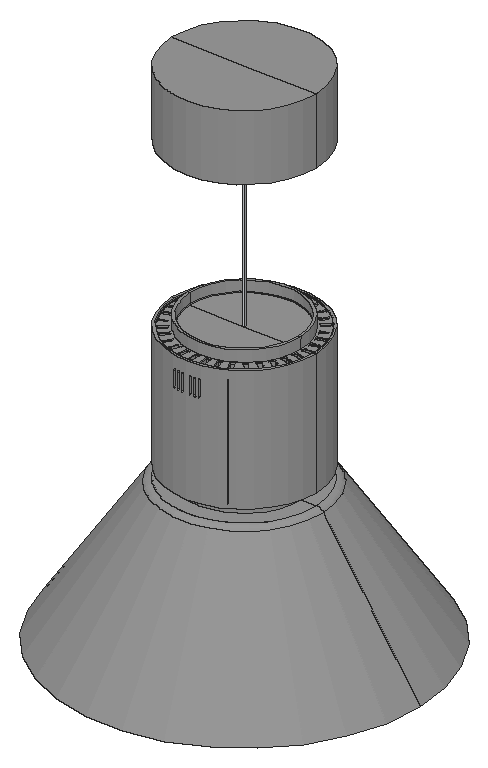
Revit family "LAMP_STORMBELL DECO + WHITE REFLECTOR", category Luminarias, Revit 2015
Parameters (values of type "2238LM 3000 WHITE FLOOD")
  Weight = 4.504 kg
  Type = "COB CITIZEN"
  Suspension height [instance] = 200.00 mm
  Reflector product code = "10400100"
  Protection rating = "IP20 / NOCUBRIR"
  Product datasheet = "http://www.lamp.es/product-files/TECH/ST117030FL830NOW-EN.pdf"
  Product code = "ST117030FL830NOW"
  Product URL = "http://www.lamp.es/en/family/stormbell_33344"
  Power Supply = "220-240V 50-60Hz"
  Power = 25 W
  Plum = 26.3 W
  Photometric web file = Reflector blanco core : 2238LM 3000 WHITE FLOOD
  Modelo = Product code  # "ST117030FL830NOW"
  Material floron = LAMP_Aluminio cuerpo Stormbell BL
  Material COB = LAMP_COB
  Manufacturer name = "LAMP"
  Manufacturer country = "Spain"
  Manufacturer URL = "http://www.lamp.es/en"
  MacAdam = "<3"
  Luminaire type = "Indoor - Suspended Downlight"
  Last update = "11/11/2020"
  Lamp = "COB LED"
  LED Lifetime = "50.000 L80 B10"
  Insulation class = "I"
  Installation instructions = "http://www.lamp.es/product-files/INS/1003910-B-INSTR.%20STORMBELL.pdf"
  Initial intensity = 2238 lm
  Initial color = 3000 K
  IEE = "A+"
  Height = 173.00 mm
  Gear = "Electronic"
  Finish = "Shiny white"
  Fabricante = Manufacturer name  # "LAMP"
  Efficacy = 85.1 lm/W
  Diameter = 173.00 mm
  Descripción = "STORMBELL DECO 3000 WW FL WH."
  Core = Core Stormbell Deco : WHITE
  CRI = "80"
  Body Height = 0.00 mm
  Altura suspension [instance] = if(Suspension height < 0.00 mm, 0.00 mm, if(Suspension height > 3000.00 mm, 3000.00 mm, Suspension height))  # 200.00 mm
Types (16, lengths in mm): name | Weight | Reflector product code | Product datasheet | Product code | Power Supply | Power | Plum | Modelo | Initial intensity | Initial color | Finish | Efficacy | Descripción
  2238LM 3000 WHITE FLOOD | 4.504 kg | "10400100" | "http://www.lamp.es/product-files/TECH/ST117030FL830NOW-EN.pdf" | "ST117030FL830NOW" | "220-240V 50-60Hz" | 25 W | 26.3 W | "ST117030FL830NOW" | 2238 lm | 3000 K | "Shiny white" | 85.1 lm/W | "STORMBELL DECO 3000 WW FL WH."
  2238LM 3000 BLACK FLOOD | 4.504 kg | "10400100" | "http://www.lamp.es/product-files/TECH/ST117030FL830NOB-EN.pdf" | "ST117030FL830NOB" | "220-240V 50-60Hz" | 25 W | 26.3 W | "ST117030FL830NOB" | 2238 lm | 3000 K | "Shiny black" | 85.1 lm/W | "STORMBELL DECO 3000 WW FL BK."
  2299LM 4000 WHITE FLOOD | 4.504 kg | "10400100" | "http://www.lamp.es/product-files/TECH/ST117030FL840NOW-EN.pdf" | "ST117030FL840NOW" | "220-240V 50-60Hz" | 25 W | 26.3 W | "ST117030FL840NOW" | 2299 lm | 4000 K | "Shiny white" | 87.4 lm/W | "STORMBELL DECO 3000 NW FL WH."
  2299LM 4000 BLACK FLOOD | 4.504 kg | "10400100" | "http://www.lamp.es/product-files/TECH/ST117030FL840NOB-EN.pdf" | "ST117030FL840NOB" | "220-240V 50-60Hz" | 25 W | 26.3 W | "ST117030FL840NOB" | 2299 lm | 4000 K | "Shiny black" | 87.4 lm/W | "STORMBELL DECO 3000 NW FL BK."
  2379LM 3000 WHITE WIDE FLOOD | 4.504 kg | "10400100" | "http://www.lamp.es/product-files/TECH/ST117030WF830NOW-EN.pdf" | "ST117030WF830NOW" | "220-240V 50-60Hz" | 25 W | 26.3 W | "ST117030WF830NOW" | 2379 lm | 3000 K | "Shiny white" | 90.5 lm/W | "STORMBELL DECO 3000 WW WFL WH."
  2379LM 3000 BLACK WIDE FLOOD | 4.504 kg | "10400100" | "http://www.lamp.es/product-files/TECH/ST117030WF830NOB-EN.pdf" | "ST117030WF830NOB" | "220-240V 50-60Hz" | 25 W | 26.3 W | "ST117030WF830NOB" | 2379 lm | 3000 K | "Shiny black" | 90.5 lm/W | "STORMBELL DECO 3000 WW WFL BK."
  2454LM 4000 WHITE WIDE FLOOD | 4.504 kg | "STBE420W" | "http://www.lamp.es/product-files/TECH/ST117030WF840NOW-EN.pdf" | "ST117030WF840NOW" | "220-240V 50-60Hz" | 25 W | 26.3 W | "ST117030WF840NOW" | 2454 lm | 4000 K | "Shiny white" | 93.3 lm/W | "STORMBELL DECO 3000 NW WFL WH."
  2454LM 4000 BLACK WIDE FLOOD | 4.504 kg | "STBE420W" | "http://www.lamp.es/product-files/TECH/ST117030WF840NOB-EN.pdf" | "ST117030WF840NOB" | "220-240V 50-60Hz" | 25 W | 26.3 W | "ST117030WF840NOB" | 2454 lm | 4000 K | "Shiny black" | 93.3 lm/W | "STORMBELL DECO 3000 NW WFL BK."
  3494LM 3000 WHITE FLOOD | 4.592 kg | "STBE420W" | "http://www.lamp.es/product-files/TECH/ST117050FL830NOW-EN.pdf" | "ST117050FL830NOW" | "100-240V 50-60Hz" | 44 W | 47.4 W | "ST117050FL830NOW" | 3494 lm | 3000 K | "Shiny white" | 73.7 lm/W | "STORMBELL DECO 5000 WW FL WH."
  3494LM 3000 BLACK FLOOD | 4.592 kg | "STBE420W" | "http://www.lamp.es/product-files/TECH/ST117050FL830NOB-EN.pdf" | "ST117050FL830NOB" | "100-240V 50-60Hz" | 44 W | 47.4 W | "ST117050FL830NOB" | 3494 lm | 3000 K | "Shiny black" | 73.7 lm/W | "STORMBELL DECO 5000 WW FL BK."
  3591LM 4000 WHITE FLOOD | 4.592 kg | "STBE420W" | "http://www.lamp.es/product-files/TECH/ST117050FL840NOW-EN.pdf" | "ST117050FL840NOW" | "100-240V 50-60Hz" | 44 W | 47.4 W | "ST117050FL840NOW" | 3591 lm | 4000 K | "Shiny white" | 75.8 lm/W | "STORMBELL DECO 5000 NW FL WH."
  3591LM 4000 BLACK FLOOD | 4.592 kg | "STBE420W" | "http://www.lamp.es/product-files/TECH/ST117050FL840NOB-EN.pdf" | "ST117050FL840NOB" | "100-240V 50-60Hz" | 44 W | 47.4 W | "ST117050FL840NOB" | 3591 lm | 4000 K | "Shiny black" | 75.8 lm/W | "STORMBELL DECO 5000 NW FL BK."
  3652LM 4000 WHITE WIDE FLOOD | 4.592 kg | "STBE420W" | "http://www.lamp.es/product-files/TECH/ST117050WF840NOW-EN.pdf" | "ST117050WF840NOW" | "100-240V 50-60Hz" | 44 W | 47.4 W | "ST117050WF840NOW" | 3652 lm | 4000 K | "Shiny white" | 77 lm/W | "STORMBELL DECO 5000 NW WFL WH."
  3652LM 4000 BLACK WIDE FLOOD | 4.592 kg | "STBE420W" | "http://www.lamp.es/product-files/TECH/ST117050WF840NOB-EN.pdf" | "ST117050WF840NOB" | "100-240V 50-60Hz" | 44 W | 47.4 W | "ST117050WF840NOB" | 3652 lm | 4000 K | "Shiny black" | 77 lm/W | "STORMBELL DECO 5000 NW WFL BK."
  3754LM 3000 WHITE WIDE FLOOD | 4.592 kg | "STBE420W" | "http://www.lamp.es/product-files/TECH/ST117050WF830NOW-EN.pdf" | "ST117050WF830NOW" | "100-240V 50-60Hz" | 44 W | 47.4 W | "ST117050WF830NOW" | 3754 lm | 3000 K | "Shiny white" | 79.2 lm/W | "STORMBELL DECO 5000 WW WFL WH."
  3754LM 3000 BLACK WIDE FLOOD | 4.592 kg | "STBE420W" | "http://www.lamp.es/product-files/TECH/ST117050WF830NOB-EN.pdf" | "ST117050WF830NOB" | "100-240V 50-60Hz" | 44 W | 47.4 W | "ST117050WF830NOB" | 3754 lm | 3000 K | "Shiny black" | 79.2 lm/W | "STORMBELL DECO 5000 WW WFL BK."
Reference planes
  plane 1 "Eje de origen de luz (F/P)": y = 0
  plane 2 "Techo": z = 2438.4
  plane 3 "Eje de origen de luz (I/D)": x = 0
  plane 4 "Elevación de origen de luz": z = 1316.8
  plane 5: z = 2359.2
Forms (mm)
  Revolve 1, solid, material "LAMP_Aluminio cuerpo Stormbell BL" <- "Material floron"
    sketch origin (0, 0, 0) x (1, 0, 0) y (0, 0, 1)
      loop
        line (0, 2438.4) -> (-86.5, 2438.4) -> (-86.5, 2359.2) -> (-83.75, 2359.2) -> (-83.75, 2371.9) -> (0, 2371.9) -> (0, 2438.4)
      axis (0, 2438.4) -> (0, 2359.2)
    angle from 0 to 360
  Extrusion 2, solid
    sketch origin (0, 0, 0) x (1, 0, 0) y (0, 1, 0)
      loop
        circle (0, 0) r 1
    from 2159.2 to 2371.9
  Revolve 3, solid, material "LAMP_COB" <- "Material COB"
    sketch origin (-474.113, 0, 2159.2) x (1, 0, 0) y (0, 0, 1)
      loop
        line (474.113, -61.467) -> (474.113, -62.467) -> (481.113, -62.467) -> (481.113, -61.467) -> (474.113, -61.467)
      axis (474.113, -61.467) -> (474.113, -62.467)
    angle from 0 to 360
  Extrusion 4, solid, material "LAMP_Aluminio cuerpo Stormbell BL" <- "Material floron"
    sketch origin (-1.875, 0, 0) x (1, 0, 0) y (0, 1, 0)
      loop
        line (18.156, -7.036) -> (18.156, 7.036)
        arc (18.156, 7.036) -> (17.332, 7.861) -> (16.508, 7.036) r 0.824
        line (16.508, 7.036) -> (16.508, -5.422)
        arc (16.508, -5.422) -> (16.293, -5.94) -> (15.775, -6.154) r 0.733
        line (15.775, -6.154) -> (14.051, -6.154)
        arc (14.051, -6.154) -> (13.604, -6.011) -> (13.324, -5.636) r 0.768
        line (13.324, -5.636) -> (9.075, 6.72)
        arc (9.075, 6.72) -> (7.599, 7.773) -> (6.122, 6.72) r 1.561
        line (6.122, 6.72) -> (1.915, -5.514)
        arc (1.915, -5.514) -> (0.865, -6.139) -> (0.075, -5.206) r 0.946
        line (0.075, -5.206) -> (0.075, 6.255)
        arc (0.075, 6.255) -> (-1.121, 7.917) -> (-3.078, 7.312) r 1.753
        line (-3.078, 7.312) -> (-5.708, 4.681) -> (-8.339, 7.312)
        arc (-8.339, 7.312) -> (-10.295, 7.917) -> (-11.491, 6.255) r 1.753
        line (-11.491, 6.255) -> (-11.491, -5.392)
        arc (-11.491, -5.392) -> (-11.714, -5.931) -> (-12.253, -6.154) r 0.762
        line (-12.253, -6.154) -> (-13.949, -6.154)
        arc (-13.949, -6.154) -> (-14.491, -5.93) -> (-14.715, -5.388) r 0.766
        line (-14.715, -5.388) -> (-14.715, 7.007)
        arc (-14.715, 7.007) -> (-14.94, 7.549) -> (-15.481, 7.773) r 0.766
        line (-15.481, 7.773) -> (-22.184, 7.773)
        arc (-22.184, 7.773) -> (-22.732, 7.546) -> (-22.959, 6.997) r 0.776
        line (-22.959, 6.997) -> (-22.959, 1.093)
        arc (-22.959, 1.093) -> (-22.743, 0.57) -> (-22.22, 0.354) r 0.739
        line (-22.22, 0.354) -> (-17.382, 0.354)
        arc (-17.382, 0.354) -> (-16.557, 1.178) -> (-17.382, 2.002) r 0.824
        line (-17.382, 2.002) -> (-20.553, 2.002)
        arc (-20.553, 2.002) -> (-21.089, 2.224) -> (-21.31, 2.76) r 0.758
        line (-21.31, 2.76) -> (-21.31, 5.362)
        arc (-21.31, 5.362) -> (-21.087, 5.901) -> (-20.548, 6.124) r 0.762
        line (-20.548, 6.124) -> (-17.104, 6.124)
        arc (-17.104, 6.124) -> (-16.581, 5.908) -> (-16.364, 5.384) r 0.74
        line (-16.364, 5.384) -> (-16.364, -7.016)
        arc (-16.364, -7.016) -> (-16.14, -7.557) -> (-15.598, -7.782) r 0.766
        line (-15.598, -7.782) -> (-10.521, -7.782)
        arc (-10.521, -7.782) -> (-10.021, -7.574) -> (-9.814, -7.074) r 0.708
        line (-9.814, -7.074) -> (-9.814, 6.019) -> (-5.708, 1.914) -> (-1.603, 6.019) -> (-1.603, -6.949)
        arc (-1.603, -6.949) -> (-1.39, -7.464) -> (-0.874, -7.677) r 0.729
        line (-0.874, -7.677) -> (2.395, -7.677)
        arc (2.395, -7.677) -> (2.818, -7.542) -> (3.083, -7.187) r 0.727
        line (3.083, -7.187) -> (7.599, 5.936) -> (12.139, -7.259)
        arc (12.139, -7.259) -> (12.421, -7.638) -> (12.871, -7.782) r 0.775
        line (12.871, -7.782) -> (17.411, -7.782)
        arc (17.411, -7.782) -> (17.938, -7.563) -> (18.156, -7.036) r 0.745
    from 2370.9 to 2371.9
Lines and regions (mm)
  reference lines
    curve 1: line (-474.113, 0, 2159.2) -> (435.887, 0, 2159.2)
Text (mm)
  text "Any modification of the parameters and properties of the LAMP BIM models must be executed and validated by the LAMP technical department.\n\nPhone: +34 93 736 68 00\n\nE-mail: lamp@lamp.es\n\n\n\nLAMP reserves the right to modify the technical specifications of its products." at (-12684.27, -18653.432, 16760.065), in view "Preview"
Dimensions and locks
  equal spacing: host sketch curve, plane 3 "Eje de origen de luz (I/D)", host sketch curve
  equal spacing: host sketch curve, plane 1 "Eje de origen de luz (F/P)", host sketch curve
  host sketch curve to host sketch curve = 3048.00 mm  (x2)
  locked: plane 2 "Techo" to plane 5 at 79.2
  "Altura suspension": plane 5 to curve 1
  aligned and locked: plane 5 to Revolve 1
  aligned and locked: curve 1 to Extrusion 2
Automatic sketch dimensions
  Revolve 1 sketch curve to plane 2 "Techo" = 0.00 mm
  Revolve 1 sketch curve to plane 5 = 0.00 mm
  Revolve 1 sketch curve to plane 3 "Eje de origen de luz (I/D)" = 0.00 mm  (x2)
  Revolve 1 sketch curve to plane 3 "Eje de origen de luz (I/D)" = 83.75 mm
  Revolve 1 sketch curve to Revolve 1 sketch curve = 2.75 mm
  plane 5 to Revolve 1 sketch curve = 12.70 mm
  Revolve 1 sketch curve to level = 304.80 mm
  plane 2 "Techo" to Revolve 1 sketch curve = 324.435 mm
  plane 1 "Eje de origen de luz (F/P)" to Extrusion 2 sketch curve = 0.00 mm
  Extrusion 2 sketch curve to plane 3 "Eje de origen de luz (I/D)" = 0.00 mm
  curve 1 to Revolve 3 sketch curve = 61.467 mm
  Revolve 3 sketch curve to curve 1 = 435.887 mm  (x2)
  Revolve 3 sketch curve to Revolve 3 sketch curve = 7.00 mm
  Revolve 3 sketch curve to Revolve 3 sketch curve = 1.00 mm
  Revolve 3 sketch curve to curve 1 = 2364.00 mm
  curve 1 to Revolve 3 sketch curve = 703.635 mm
  Extrusion 4 sketch curve to plane 1 "Eje de origen de luz (F/P)" = 1.093 mm
  Extrusion 4 sketch curve to plane 3 "Eje de origen de luz (I/D)" = 24.834 mm
  Extrusion 4 sketch curve to Extrusion 4 sketch curve = 0.739 mm
  Extrusion 4 sketch curve to Extrusion 4 sketch curve = 0.776 mm
  Extrusion 4 sketch curve to Extrusion 4 sketch curve = 0.873 mm
  Extrusion 4 sketch curve to Extrusion 4 sketch curve = 0.758 mm
  Extrusion 4 sketch curve to Extrusion 4 sketch curve = 0.762 mm  (x2)
  Extrusion 4 sketch curve to Extrusion 4 sketch curve = 3.171 mm
  Extrusion 4 sketch curve to Extrusion 4 sketch curve = 0.277 mm
  Extrusion 4 sketch curve to Extrusion 4 sketch curve = 1.018 mm
  Extrusion 4 sketch curve to Extrusion 4 sketch curve = 0.766 mm  (x2)
  Extrusion 4 sketch curve to Extrusion 4 sketch curve = 1.623 mm
  Extrusion 4 sketch curve to Extrusion 4 sketch curve = 0.883 mm
  Extrusion 4 sketch curve to Extrusion 4 sketch curve = 1.696 mm
  Extrusion 4 sketch curve to Extrusion 4 sketch curve = 0.97 mm
  Extrusion 4 sketch curve to Extrusion 4 sketch curve = 0.708 mm
  Extrusion 4 sketch curve to Extrusion 4 sketch curve = 0.076 mm  (x2)
  Extrusion 4 sketch curve to plane 1 "Eje de origen de luz (F/P)" = 7.312 mm  (x2)
  Extrusion 4 sketch curve to Extrusion 4 sketch curve = 1.399 mm  (x2)
  Extrusion 4 sketch curve to plane 1 "Eje de origen de luz (F/P)" = 4.681 mm
  Extrusion 4 sketch curve to Extrusion 4 sketch curve = 2.631 mm
  Extrusion 4 sketch curve to plane 1 "Eje de origen de luz (F/P)" = 1.914 mm
  Extrusion 4 sketch curve to Extrusion 4 sketch curve = 0.00 mm  (x2)
  Extrusion 4 sketch curve to Extrusion 4 sketch curve = 0.729 mm
  Extrusion 4 sketch curve to Extrusion 4 sketch curve = 1.677 mm
  Extrusion 4 sketch curve to Extrusion 4 sketch curve = 0.946 mm
  plane 1 "Eje de origen de luz (F/P)" to Extrusion 4 sketch curve = 5.514 mm
  Extrusion 4 sketch curve to Extrusion 4 sketch curve = 0.895 mm
  Extrusion 4 sketch curve to Extrusion 4 sketch curve = 0.48 mm
  plane 1 "Eje de origen de luz (F/P)" to Extrusion 4 sketch curve = 7.187 mm
  Extrusion 4 sketch curve to Extrusion 4 sketch curve = 0.688 mm
  Extrusion 4 sketch curve to plane 1 "Eje de origen de luz (F/P)" = 6.72 mm  (x2)
  Extrusion 4 sketch curve to Extrusion 4 sketch curve = 6.048 mm
  Extrusion 4 sketch curve to Extrusion 4 sketch curve = 1.476 mm
  Extrusion 4 sketch curve to plane 1 "Eje de origen de luz (F/P)" = 5.936 mm
  plane 1 "Eje de origen de luz (F/P)" to Extrusion 4 sketch curve = 7.259 mm
  Extrusion 4 sketch curve to Extrusion 4 sketch curve = 9.055 mm
  Extrusion 4 sketch curve to Extrusion 4 sketch curve = 0.733 mm
  plane 1 "Eje de origen de luz (F/P)" to Extrusion 4 sketch curve = 5.636 mm
  Extrusion 4 sketch curve to Extrusion 4 sketch curve = 0.453 mm
  Extrusion 4 sketch curve to Extrusion 4 sketch curve = 0.727 mm
  Extrusion 4 sketch curve to Extrusion 4 sketch curve = 1.725 mm
  Extrusion 4 sketch curve to Extrusion 4 sketch curve = 7.433 mm
  Extrusion 4 sketch curve to Extrusion 4 sketch curve = 0.824 mm  (x2)
  Extrusion 4 sketch curve to Extrusion 4 sketch curve = 0.745 mm
  Extrusion 4 sketch curve to Extrusion 4 sketch curve = 2.146 mm
  plane 1 "Eje de origen de luz (F/P)" to Extrusion 4 sketch curve = 7.782 mm
  Extrusion 4 sketch curve to Extrusion 4 sketch curve = 2.472 mm
  Extrusion 4 sketch curve to Extrusion 4 sketch curve = 0.519 mm
  Extrusion 4 sketch curve to Extrusion 4 sketch curve = 0.862 mm
  Extrusion 4 sketch curve to Extrusion 4 sketch curve = 2.602 mm
  Extrusion 4 sketch curve to Extrusion 4 sketch curve = 0.236 mm
  Extrusion 4 sketch curve to Extrusion 4 sketch curve = 0.276 mm
  Extrusion 4 sketch curve to Extrusion 4 sketch curve = 1.635 mm
  Extrusion 4 sketch curve to Extrusion 4 sketch curve = 0.317 mm
  curve 1 to plane 3 "Eje de origen de luz (I/D)" = 474.113 mm
  plane 3 "Eje de origen de luz (I/D)" to curve 1 = 435.887 mm
  radius of Extrusion 2 sketch curve = 1.00 mm
Nested families
  nested 1: "Core Stormbell Deco" at (0, 0, 1995.7), type <- "Core", type "WHITE"
  nested 2: "Reflector blanco core" at (0, 0, 302.7), type <- "Photometric web file", type "2238LM 3000 WHITE FLOOD"
Connectors
  electrical at (0, 0, 2438.4)
    settings: on Revolve 1, index 1, voltage 230 V, apparent load 0 VA, apparent load phase1 0 VA, apparent load phase2 0 VA, apparent load phase3 0 VA, power factor 1, load classification "Otro", number of poles 1, system type 31, power factor state 1, is connector primary yes, connector utility no, sub classification motor no, connector description ""
Definition of nested family "Core Stormbell Deco"
  Parameters (values of type "BLACK")
    Material disipador = none
    Material core = none
    Default Elevation = 1219.20 mm
  Types (3): name
    (no name)
    BLACK
    WHITE
  Reference planes
    plane 1 "Centro (Frontal/Posterior)": y = 0
    plane 2: z = 0
    plane 3 "Centro (Izquierda/Derecha)": x = 0
  Forms (mm)
    Revolve 1, solid, material <- "Material core"
      sketch origin (0, 0, -1221.577) x (1, 0, 0) y (0, 0, 1)
        loop
          line (83.75, 1384.077) -> (83.75, 1383.077) -> (0, 1383.077) -> (0, 1323.61) -> (7, 1323.61) -> (7, 1322.61) -> (22.096, 1322.61)
          arc (22.096, 1322.61) -> (24.519, 1321.984) -> (26.335, 1320.262) r 5
          arc (26.335, 1320.262) -> (44.293, 1286.941) -> (57.8, 1251.58) r 292.631
          line (57.8, 1251.58) -> (59.5, 1251.58) -> (64, 1251.58) -> (64, 1238.077) -> (83.75, 1238.077) -> (83.75, 1237.077) -> (83.75, 1236.077) -> (86.5, 1236.077) -> (86.5, 1385.077) -> (83.75, 1385.077) -> (83.75, 1384.077)
        axis (0, 1385.077) -> (0, 1236.077)
      angle from 0 to 360
    Extrusion 2, void
      sketch origin (0, 0, 0) x (1, 0, 0) y (0, 1, 0)
        loop
          line (-2.75, 81.654) -> (-2.75, 70.747)
          arc (-2.75, 70.747) -> (0, 70.8) -> (2.75, 70.747) r 70.8
          line (2.75, 70.747) -> (2.75, 81.654)
          arc (2.75, 81.654) -> (0, 81.7) -> (-2.75, 81.654) r 81.7
        loop
          arc (-2.75, -81.654) -> (0, -81.7) -> (2.75, -81.654) r 81.7
          line (2.75, -81.654) -> (2.75, -70.747)
          arc (2.75, -70.747) -> (0, -70.8) -> (-2.75, -70.747) r 70.8
          line (-2.75, -70.747) -> (-2.75, -81.654)
        loop
          line (81.654, 2.75) -> (70.747, 2.75)
          arc (70.747, 2.75) -> (70.8, 0) -> (70.747, -2.75) r 70.8
          line (70.747, -2.75) -> (81.654, -2.75)
          arc (81.654, -2.75) -> (81.7, 0) -> (81.654, 2.75) r 81.7
        loop
          arc (-81.654, 2.75) -> (-81.7, 0) -> (-81.654, -2.75) r 81.7
          line (-81.654, -2.75) -> (-70.747, -2.75)
          arc (-70.747, -2.75) -> (-70.8, 0) -> (-70.747, 2.75) r 70.8
          line (-70.747, 2.75) -> (-81.654, 2.75)
        loop
          line (11.471, 80.891) -> (9.577, 70.149)
          arc (9.577, 70.149) -> (12.294, 69.724) -> (14.993, 69.194) r 70.8
          line (14.993, 69.194) -> (16.887, 79.936)
          arc (16.887, 79.936) -> (14.187, 80.459) -> (11.471, 80.891) r 81.7
        loop
          line (25.343, 77.67) -> (21.613, 67.421)
          arc (21.613, 67.421) -> (24.215, 66.53) -> (26.781, 65.539) r 70.8
          line (26.781, 65.539) -> (30.511, 75.789)
          arc (30.511, 75.789) -> (27.943, 76.773) -> (25.343, 77.67) r 81.7
        loop
          line (38.445, 72.089) -> (32.992, 62.643)
          arc (32.992, 62.643) -> (35.4, 61.315) -> (37.755, 59.893) r 70.8
          line (37.755, 59.893) -> (43.208, 69.339)
          arc (43.208, 69.339) -> (40.85, 70.754) -> (38.445, 72.089) r 81.7
        loop
          line (50.379, 64.318) -> (43.368, 55.963)
          arc (43.368, 55.963) -> (45.509, 54.236) -> (47.582, 52.427) r 70.8
          line (47.582, 52.427) -> (54.593, 60.783)
          arc (54.593, 60.783) -> (52.516, 62.586) -> (50.379, 64.318) r 81.7
        loop
          line (60.783, 54.593) -> (52.427, 47.582)
          arc (52.427, 47.582) -> (54.236, 45.509) -> (55.963, 43.368) r 70.8
          line (55.963, 43.368) -> (64.318, 50.379)
          arc (64.318, 50.379) -> (62.586, 52.516) -> (60.783, 54.593) r 81.7
        loop
          line (69.339, 43.208) -> (59.893, 37.755)
          arc (59.893, 37.755) -> (61.315, 35.4) -> (62.643, 32.992) r 70.8
          line (62.643, 32.992) -> (72.089, 38.445)
          arc (72.089, 38.445) -> (70.754, 40.85) -> (69.339, 43.208) r 81.7
        loop
          line (75.789, 30.511) -> (65.539, 26.781)
          arc (65.539, 26.781) -> (66.53, 24.215) -> (67.421, 21.613) r 70.8
          line (67.421, 21.613) -> (77.67, 25.343)
          arc (77.67, 25.343) -> (76.773, 27.943) -> (75.789, 30.511) r 81.7
        loop
          line (79.936, 16.887) -> (69.194, 14.993)
          arc (69.194, 14.993) -> (69.724, 12.294) -> (70.149, 9.577) r 70.8
          line (70.149, 9.577) -> (80.891, 11.471)
          arc (80.891, 11.471) -> (80.459, 14.187) -> (79.936, 16.887) r 81.7
        loop
          arc (-11.471, 80.891) -> (-14.187, 80.459) -> (-16.887, 79.936) r 81.7
          line (-16.887, 79.936) -> (-14.993, 69.194)
          arc (-14.993, 69.194) -> (-12.294, 69.724) -> (-9.577, 70.149) r 70.8
          line (-9.577, 70.149) -> (-11.471, 80.891)
        loop
          arc (-25.343, 77.67) -> (-27.943, 76.773) -> (-30.511, 75.789) r 81.7
          line (-30.511, 75.789) -> (-26.781, 65.539)
          arc (-26.781, 65.539) -> (-24.215, 66.53) -> (-21.613, 67.421) r 70.8
          line (-21.613, 67.421) -> (-25.343, 77.67)
        loop
          arc (-38.445, 72.089) -> (-40.85, 70.754) -> (-43.208, 69.339) r 81.7
          line (-43.208, 69.339) -> (-37.755, 59.893)
          arc (-37.755, 59.893) -> (-35.4, 61.315) -> (-32.992, 62.643) r 70.8
          line (-32.992, 62.643) -> (-38.445, 72.089)
        loop
          arc (-50.379, 64.318) -> (-52.516, 62.586) -> (-54.593, 60.783) r 81.7
          line (-54.593, 60.783) -> (-47.582, 52.427)
          arc (-47.582, 52.427) -> (-45.509, 54.236) -> (-43.368, 55.963) r 70.8
          line (-43.368, 55.963) -> (-50.379, 64.318)
        loop
          arc (-60.783, 54.593) -> (-62.586, 52.516) -> (-64.318, 50.379) r 81.7
          line (-64.318, 50.379) -> (-55.963, 43.368)
          arc (-55.963, 43.368) -> (-54.236, 45.509) -> (-52.427, 47.582) r 70.8
          line (-52.427, 47.582) -> (-60.783, 54.593)
        loop
          arc (-69.339, 43.208) -> (-70.754, 40.85) -> (-72.089, 38.445) r 81.7
          line (-72.089, 38.445) -> (-62.643, 32.992)
          arc (-62.643, 32.992) -> (-61.315, 35.4) -> (-59.893, 37.755) r 70.8
          line (-59.893, 37.755) -> (-69.339, 43.208)
        loop
          arc (-75.789, 30.511) -> (-76.773, 27.943) -> (-77.67, 25.343) r 81.7
          line (-77.67, 25.343) -> (-67.421, 21.613)
          arc (-67.421, 21.613) -> (-66.53, 24.215) -> (-65.539, 26.781) r 70.8
          line (-65.539, 26.781) -> (-75.789, 30.511)
        loop
          arc (-79.936, 16.887) -> (-80.459, 14.187) -> (-80.891, 11.471) r 81.7
          line (-80.891, 11.471) -> (-70.149, 9.577)
          arc (-70.149, 9.577) -> (-69.724, 12.294) -> (-69.194, 14.993) r 70.8
          line (-69.194, 14.993) -> (-79.936, 16.887)
        loop
          arc (11.471, -80.891) -> (14.187, -80.459) -> (16.887, -79.936) r 81.7
          line (16.887, -79.936) -> (14.993, -69.194)
          arc (14.993, -69.194) -> (12.294, -69.724) -> (9.577, -70.149) r 70.8
          line (9.577, -70.149) -> (11.471, -80.891)
        loop
          arc (25.343, -77.67) -> (27.943, -76.773) -> (30.511, -75.789) r 81.7
          line (30.511, -75.789) -> (26.781, -65.539)
          arc (26.781, -65.539) -> (24.215, -66.53) -> (21.613, -67.421) r 70.8
          line (21.613, -67.421) -> (25.343, -77.67)
        loop
          arc (38.445, -72.089) -> (40.85, -70.754) -> (43.208, -69.339) r 81.7
          line (43.208, -69.339) -> (37.755, -59.893)
          arc (37.755, -59.893) -> (35.4, -61.315) -> (32.992, -62.643) r 70.8
          line (32.992, -62.643) -> (38.445, -72.089)
        loop
          arc (50.379, -64.318) -> (52.516, -62.586) -> (54.593, -60.783) r 81.7
          line (54.593, -60.783) -> (47.582, -52.427)
          arc (47.582, -52.427) -> (45.509, -54.236) -> (43.368, -55.963) r 70.8
          line (43.368, -55.963) -> (50.379, -64.318)
        loop
          arc (60.783, -54.593) -> (62.586, -52.516) -> (64.318, -50.379) r 81.7
          line (64.318, -50.379) -> (55.963, -43.368)
          arc (55.963, -43.368) -> (54.236, -45.509) -> (52.427, -47.582) r 70.8
          line (52.427, -47.582) -> (60.783, -54.593)
        loop
          arc (69.339, -43.208) -> (70.754, -40.85) -> (72.089, -38.445) r 81.7
          line (72.089, -38.445) -> (62.643, -32.992)
          arc (62.643, -32.992) -> (61.315, -35.4) -> (59.893, -37.755) r 70.8
          line (59.893, -37.755) -> (69.339, -43.208)
        loop
          arc (75.789, -30.511) -> (76.773, -27.943) -> (77.67, -25.343) r 81.7
          line (77.67, -25.343) -> (67.421, -21.613)
          arc (67.421, -21.613) -> (66.53, -24.215) -> (65.539, -26.781) r 70.8
          line (65.539, -26.781) -> (75.789, -30.511)
        loop
          arc (79.936, -16.887) -> (80.459, -14.187) -> (80.891, -11.471) r 81.7
          line (80.891, -11.471) -> (70.149, -9.577)
          arc (70.149, -9.577) -> (69.724, -12.294) -> (69.194, -14.993) r 70.8
          line (69.194, -14.993) -> (79.936, -16.887)
        loop
          line (-11.471, -80.891) -> (-9.577, -70.149)
          arc (-9.577, -70.149) -> (-12.294, -69.724) -> (-14.993, -69.194) r 70.8
          line (-14.993, -69.194) -> (-16.887, -79.936)
          arc (-16.887, -79.936) -> (-14.187, -80.459) -> (-11.471, -80.891) r 81.7
        loop
          line (-25.343, -77.67) -> (-21.613, -67.421)
          arc (-21.613, -67.421) -> (-24.215, -66.53) -> (-26.781, -65.539) r 70.8
          line (-26.781, -65.539) -> (-30.511, -75.789)
          arc (-30.511, -75.789) -> (-27.943, -76.773) -> (-25.343, -77.67) r 81.7
        loop
          line (-38.445, -72.089) -> (-32.992, -62.643)
          arc (-32.992, -62.643) -> (-35.4, -61.315) -> (-37.755, -59.893) r 70.8
          line (-37.755, -59.893) -> (-43.208, -69.339)
          arc (-43.208, -69.339) -> (-40.85, -70.754) -> (-38.445, -72.089) r 81.7
        loop
          line (-50.379, -64.318) -> (-43.368, -55.963)
          arc (-43.368, -55.963) -> (-45.509, -54.236) -> (-47.582, -52.427) r 70.8
          line (-47.582, -52.427) -> (-54.593, -60.783)
          arc (-54.593, -60.783) -> (-52.516, -62.586) -> (-50.379, -64.318) r 81.7
        loop
          line (-60.783, -54.593) -> (-52.427, -47.582)
          arc (-52.427, -47.582) -> (-54.236, -45.509) -> (-55.963, -43.368) r 70.8
          line (-55.963, -43.368) -> (-64.318, -50.379)
          arc (-64.318, -50.379) -> (-62.586, -52.516) -> (-60.783, -54.593) r 81.7
        loop
          line (-69.339, -43.208) -> (-59.893, -37.755)
          arc (-59.893, -37.755) -> (-61.315, -35.4) -> (-62.643, -32.992) r 70.8
          line (-62.643, -32.992) -> (-72.089, -38.445)
          arc (-72.089, -38.445) -> (-70.754, -40.85) -> (-69.339, -43.208) r 81.7
        loop
          line (-75.789, -30.511) -> (-65.539, -26.781)
          arc (-65.539, -26.781) -> (-66.53, -24.215) -> (-67.421, -21.613) r 70.8
          line (-67.421, -21.613) -> (-77.67, -25.343)
          arc (-77.67, -25.343) -> (-76.773, -27.943) -> (-75.789, -30.511) r 81.7
        loop
          line (-79.936, -16.887) -> (-69.194, -14.993)
          arc (-69.194, -14.993) -> (-69.724, -12.294) -> (-70.149, -9.577) r 70.8
          line (-70.149, -9.577) -> (-80.891, -11.471)
          arc (-80.891, -11.471) -> (-80.459, -14.187) -> (-79.936, -16.887) r 81.7
      from 14.5 to 163.5
    Extrusion 3, void
      sketch origin (0, 0, 0) x (1, 0, 0) y (0, 0, 1)
        loop
          arc (-3.5, 147.5) -> (-4.75, 148.75) -> (-6, 147.5) r 1.25
          line (-6, 147.5) -> (-6, 129.5)
          arc (-6, 129.5) -> (-4.75, 128.25) -> (-3.5, 129.5) r 1.25
          line (-3.5, 129.5) -> (-3.5, 147.5)
        loop
          arc (-8.5, 147.5) -> (-9.75, 148.75) -> (-11, 147.5) r 1.25
          line (-11, 147.5) -> (-11, 129.5)
          arc (-11, 129.5) -> (-9.75, 128.25) -> (-8.5, 129.5) r 1.25
          line (-8.5, 129.5) -> (-8.5, 147.5)
        loop
          arc (-13.5, 147.5) -> (-14.75, 148.75) -> (-16, 147.5) r 1.25
          line (-16, 147.5) -> (-16, 129.5)
          arc (-16, 129.5) -> (-14.75, 128.25) -> (-13.5, 129.5) r 1.25
          line (-13.5, 129.5) -> (-13.5, 147.5)
        loop
          arc (16, 147.5) -> (14.75, 148.75) -> (13.5, 147.5) r 1.25
          line (13.5, 147.5) -> (13.5, 129.5)
          arc (13.5, 129.5) -> (14.75, 128.25) -> (16, 129.5) r 1.25
          line (16, 129.5) -> (16, 147.5)
        loop
          arc (11, 147.5) -> (9.75, 148.75) -> (8.5, 147.5) r 1.25
          line (8.5, 147.5) -> (8.5, 129.5)
          arc (8.5, 129.5) -> (9.75, 128.25) -> (11, 129.5) r 1.25
          line (11, 129.5) -> (11, 147.5)
        loop
          arc (6, 147.5) -> (4.75, 148.75) -> (3.5, 147.5) r 1.25
          line (3.5, 147.5) -> (3.5, 129.5)
          arc (3.5, 129.5) -> (4.75, 128.25) -> (6, 129.5) r 1.25
          line (6, 129.5) -> (6, 147.5)
      from -87.047 to 87.159
    Revolve 4, solid, material <- "Material disipador"
      sketch origin (0, 0, 0) x (1, 0, 0) y (0, 0, 1)
        loop
          line (65.3, 175.5) -> (65.3, 163.5) -> (65.3, 162.5) -> (0, 162.5) -> (0, 161.5) -> (82.8, 161.5) -> (82.8, 16.5) -> (64, 16.5) -> (64, 13.203) -> (53.7, 13.203) -> (53.7, 10.703) -> (64, 10.703) -> (64, 6.703) -> (65.3, 0) -> (68.2, 0) -> (68.2, 15.5) -> (83.75, 15.5) -> (83.75, 162.5) -> (68.2, 162.5) -> (68.2, 175.5) -> (65.3, 175.5)
        axis (0, 175.5) -> (0, 0)
      angle from 0 to 360
  Cuts and joins
    Extrusion 2, Extrusion 3 cuts Revolve 1
    Extrusion 2 cuts Revolve 4
  Dimensions and locks
    aligned and locked: level to plane 2
Definition of nested family "Reflector blanco core"
  Parameters (values of type "2238LM 3000 BLACK FLOOD")
    Tilt Angle = 90.00°
    Wattage = 26.3 W
    Separación luz = 20.00 mm
    built-in parameter 1150110 = 1 (stored number, unit not read)
    Material reflector = none
    built-in parameter 1114217 = 1 (stored number, unit not read)
    built-in parameter 1150109 = 1 (stored number, unit not read)
    Default Elevation = 1219.20 mm
    built-in parameter 1150134 = (empty or 0)
    built-in parameter 1150113 = 1 (stored number, unit not read)
    Lumens = 2238.13 lm
    built-in parameter 1150115 = 1 (stored number, unit not read)
    built-in parameter 1150105 = 178.1 (stored number, unit not read)
    built-in parameter 1150137 = (empty or 0)
    built-in parameter 1150139 = (empty or 0)
    built-in parameter 1150112 = 1 (stored number, unit not read)
    built-in parameter 1150114 = 1 (stored number, unit not read)
    built-in parameter 1150132 = 2
    built-in parameter 1150102 = (empty or 0)
    built-in parameter 1150138 = (empty or 0)
    built-in parameter 1150107 = 3000 (stored number, unit not read)
    built-in parameter 1150106 = 1.781 (stored number, unit not read)
    built-in parameter 1150104 = 7.906 (stored number, unit not read)
    Dimming Lamp Color Temperature Shift = (empty or 0)
    Color Filter = 16777215
    built-in parameter 1114218 = 1 (stored number, unit not read)
    Photometric Web File = "10441002+10400100_100.IES"
    built-in parameter 1150133 = 10 (stored number, unit not read)
  Types (17, lengths in mm): name | Wattage | built-in parameter 1150134 | Lumens | built-in parameter 1150105 | built-in parameter 1150107 | built-in parameter 1150106 | built-in parameter 1150104 | Photometric Web File
    (no name) | 26.3 W | (empty or 0) | 2238.13 lm | 178.1 (stored number, unit not read) | 3000 (stored number, unit not read) | 1.781 (stored number, unit not read) | 7.906 (stored number, unit not read) | "10441002+10400100_100.IES"
    2238LM 3000 WHITE FLOOD | 26.3 W | (empty or 0) | 2238.13 lm | 178.1 (stored number, unit not read) | 3000 (stored number, unit not read) | 1.781 (stored number, unit not read) | 7.906 (stored number, unit not read) | "10441000+10400100_100.IES"
    2238LM 3000 BLACK FLOOD | 26.3 W | (empty or 0) | 2238.13 lm | 178.1 (stored number, unit not read) | 3000 (stored number, unit not read) | 1.781 (stored number, unit not read) | 7.906 (stored number, unit not read) | "10441002+10400100_100.IES"
    2299LM 4000 WHITE FLOOD | 26.3 W | 12 | 2298.88 lm | 4146.7 (stored number, unit not read) | 4000 (stored number, unit not read) | 41.467 (stored number, unit not read) | 8.1207 (stored number, unit not read) | "10440000+10400100_100.IES"
    2299LM 4000 BLACK FLOOD | 26.3 W | 12 | 2298.88 lm | 4146.7 (stored number, unit not read) | 4000 (stored number, unit not read) | 41.467 (stored number, unit not read) | 8.1207 (stored number, unit not read) | "10440002+10400100_100.IES"
    2379LM 3000 WHITE WIDE FLOOD | 26.3 W | (empty or 0) | 2379.1 lm | 4291.4 (stored number, unit not read) | 3000 (stored number, unit not read) | 42.914 (stored number, unit not read) | 8.404 (stored number, unit not read) | "10441010+10400100_100.IES"
    2379LM 3000 BLACK WIDE FLOOD | 26.3 W | (empty or 0) | 2379.1 lm | 4291.4 (stored number, unit not read) | 3000 (stored number, unit not read) | 42.914 (stored number, unit not read) | 8.404 (stored number, unit not read) | "10441012+10400100_100.IES"
    2454LM 4000 WHITE WIDE FLOOD | 26.3 W | 12 | 2454.05 lm | 2438.1 (stored number, unit not read) | 4000 (stored number, unit not read) | 24.381 (stored number, unit not read) | 8.6688 (stored number, unit not read) | "10440010+10400100_100.IES"
    2454LM 4000 BLACK WIDE FLOOD | 26.3 W | 12 | 2454.05 lm | 2438.1 (stored number, unit not read) | 4000 (stored number, unit not read) | 24.381 (stored number, unit not read) | 8.6688 (stored number, unit not read) | "10440012+10400100_100.IES"
    3494LM 3000 WHITE FLOOD | 47.4 W | (empty or 0) | 3493.85 lm | 3471.1 (stored number, unit not read) | 3000 (stored number, unit not read) | 34.711 (stored number, unit not read) | 6.8479 (stored number, unit not read) | "10441020+10400100_100.IES"
    3494LM 3000 BLACK FLOOD | 47.4 W | (empty or 0) | 3493.85 lm | 3471.1 (stored number, unit not read) | 3000 (stored number, unit not read) | 34.711 (stored number, unit not read) | 6.8479 (stored number, unit not read) | "10441022+10400100_100.IES"
    3591LM 4000 WHITE FLOOD | 47.4 W | 12 | 3591.02 lm | 6514.6 (stored number, unit not read) | 4000 (stored number, unit not read) | 65.146 (stored number, unit not read) | 7.0383 (stored number, unit not read) | "10440020+10400100_100.IES"
    3591LM 4000 BLACK FLOOD | 47.4 W | 12 | 3591.02 lm | 6514.6 (stored number, unit not read) | 4000 (stored number, unit not read) | 65.146 (stored number, unit not read) | 7.0383 (stored number, unit not read) | "10440022+10400100_100.IES"
    3652LM 4000 WHITE WIDE FLOOD | 47.4 W | 12 | 3652.17 lm | 6625.6 (stored number, unit not read) | 4000 (stored number, unit not read) | 66.256 (stored number, unit not read) | 7.1582 (stored number, unit not read) | "10440030+10400100_100.IES"
    3652LM 4000 BLACK WIDE FLOOD | 47.4 W | 12 | 3652.17 lm | 6625.6 (stored number, unit not read) | 4000 (stored number, unit not read) | 66.256 (stored number, unit not read) | 7.1582 (stored number, unit not read) | "10440032+10400100_100.IES"
    3754LM 3000 WHITE WIDE FLOOD | 47.4 W | (empty or 0) | 3754.08 lm | 3790.9 (stored number, unit not read) | 3000 (stored number, unit not read) | 37.909 (stored number, unit not read) | 7.3579 (stored number, unit not read) | "10441030+10400100_100.IES"
    3754LM 3000 BLACK WIDE FLOOD | 47.4 W | (empty or 0) | 3754.08 lm | 3790.9 (stored number, unit not read) | 3000 (stored number, unit not read) | 37.909 (stored number, unit not read) | 7.3579 (stored number, unit not read) | "10441032+10400100_100.IES"
  Reference planes
    plane 1 "Eje de origen de luz (F/P)": y = 0
    plane 2: z = 0
    plane 3 "Eje de origen de luz (I/D)": x = 0
    plane 4 "Elevación de origen de luz": z = 1500
    plane 5: z = 1520
  Forms (mm)
    Revolve 1, solid, material <- "Material reflector"
      sketch origin (0, 0, 0) x (1, 0, 0) y (0, 0, 1)
        loop
          line (210, 1520) -> (95.087, 1688.631)
          arc (95.087, 1688.631) -> (91.497, 1691.841) -> (86.823, 1693) r 10
          line (86.823, 1693) -> (62, 1693) -> (53, 1693) -> (53, 1711.2) -> (50.4, 1711.2) -> (50.4, 1692) -> (86.305, 1692)
          arc (86.305, 1692) -> (90.979, 1690.841) -> (94.568, 1687.631) r 10
          line (94.568, 1687.631) -> (208.8, 1520) -> (210, 1520)
        axis (0, 1711.2) -> (0, 1520)
      angle from 0 to 360
  Dimensions and locks
    "Separación luz": plane 5 to plane 4 "Elevación de origen de luz"
    aligned and locked: plane 3 "Eje de origen de luz (I/D)" to imposter light
    aligned and locked: plane 1 "Eje de origen de luz (F/P)" to imposter light
    aligned and locked: plane 4 "Elevación de origen de luz" to imposter light
    aligned and locked: level to plane 2
  Automatic sketch dimensions
    Revolve 1 sketch curve to plane 3 "Eje de origen de luz (I/D)" = 0.00 mm
    Revolve 1 sketch curve to plane 5 = 0.00 mm
    plane 3 "Eje de origen de luz (I/D)" to Revolve 1 sketch curve = 50.40 mm
    Revolve 1 sketch curve to Revolve 1 sketch curve = 2.60 mm
    Revolve 1 sketch curve to Revolve 1 sketch curve = 9.00 mm
    Revolve 1 sketch curve to Revolve 1 sketch curve = 24.305 mm
    Revolve 1 sketch curve to Revolve 1 sketch curve = 0.519 mm  (x2)
    Revolve 1 sketch curve to Revolve 1 sketch curve = 7.745 mm
    Revolve 1 sketch curve to Revolve 1 sketch curve = 114.232 mm
    Revolve 1 sketch curve to Revolve 1 sketch curve = 1.20 mm
    plane 5 to Revolve 1 sketch curve = 162.00 mm
    Revolve 1 sketch curve to Revolve 1 sketch curve = 1.00 mm  (x2)
    Revolve 1 sketch curve to Revolve 1 sketch curve = 4.631 mm
    Revolve 1 sketch curve to Revolve 1 sketch curve = 18.20 mm
    Revolve 1 sketch curve to level = 271.696 mm
    Revolve 1 sketch curve to Revolve 1 sketch curve = 8.574 mm
